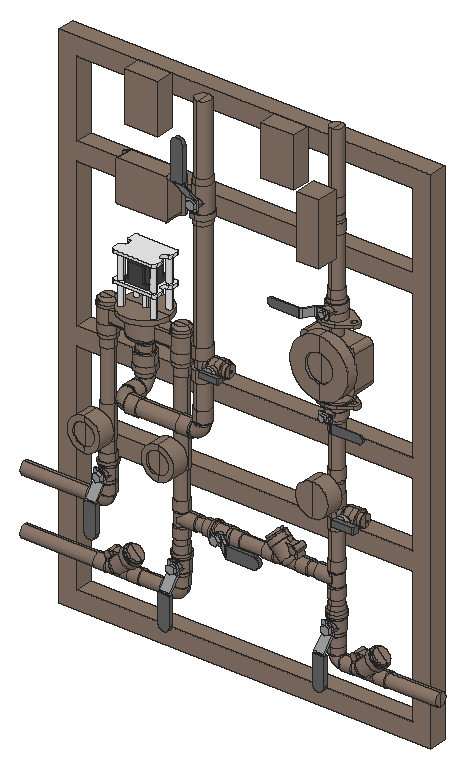
Revit family "Plumbing_Valves_Leonard-Valve_Proton-PNV-125-LF-M", category Pipe Accessories, Revit 2018 (continued)
Definition of nested family "MEGATRON-PNV-125-LF-M"
  Forms (in)
    Sweep 83, solid, material <- "Product Material", detail levels fine
      profile origin (-7.73438, -2.99106, 22.55112) x (0, 1, 0) y (-1, 0, 0)
        loop
          circle (0, 0.26562) r 0.66929
    Sweep 84, solid, material <- "Product Material", detail levels fine
      path origin (3.73626, -3.0125, -4.56068) x (-1, 0, 0) y (0, 0, 1)
        loop
          arc (-5.76953, 10.5002) -> (-5.95089, 10.06235) -> (-6.38874, 9.88099) r 0.61921
          line (-6.38874, 9.88099) -> (-6.51374, 9.88099)
      profile origin (9.68715, -3.0125, 5.50167) x (-0.707107, 0, -0.707107) y (0, 1, 0)
        loop
          circle (0, 0) r 0.57874
    Revolve 85, solid, detail levels fine
      sketch origin (0, -3.0125, 0) x (0, 0, -1) y (-1, 0, 0)
        loop
          line (-28.06433, 7.83143) -> (-28.06433, 8) -> (-29.95312, 8) -> (-29.95312, 7.83143) -> (-28.06433, 7.83143)
        axis (-29.95312, 8) -> (-28.06433, 8)
      angle from 0 to 360
    Extrusion 86, solid, material <- "Product Material", detail levels fine
      sketch origin (0, -3.0125, 0) x (0, 0, -1) y (-1, 0, 0)
        loop
          circle (-27.426, -1.00483) r 0.41479
      from -3.83875 to -3.09273
    Extrusion 87, solid, material <- "Product Material", detail levels fine
      sketch origin (0, -3.0125, 0) x (0, 0, -1) y (-1, 0, 0)
        loop
          circle (-34.24801, -9.50236) r 0.39139
      from -1.47266 to -0.37133
    Extrusion 88, solid, material <- "Product Material", detail levels fine
      sketch origin (0, -3.0125, 48.75) x (0, 0, -1) y (-1, 0, 0)
        loop
          arc (9.60706, 11.075) -> (9.57078, 11.06339) -> (9.54797, 11.03287) r 0.0625
          line (9.54797, 11.03287) -> (9.36563, 10.50409)
          arc (9.36563, 10.50409) -> (9.45301, 10.57475) -> (9.5625, 10.6) r 0.25
          line (9.5625, 10.6) -> (12.8125, 10.6)
          arc (12.8125, 10.6) -> (12.92199, 10.57475) -> (13.00937, 10.50409) r 0.25
          line (13.00937, 10.50409) -> (12.82703, 11.03287)
          arc (12.82703, 11.03287) -> (12.80422, 11.06339) -> (12.76794, 11.075) r 0.0625
          line (12.76794, 11.075) -> (9.60706, 11.075)
        loop
          arc (9.54797, 5.36713) -> (9.57078, 5.33661) -> (9.60706, 5.325) r 0.0625
          line (9.60706, 5.325) -> (12.76794, 5.325)
          arc (12.76794, 5.325) -> (12.80422, 5.33661) -> (12.82703, 5.36713) r 0.0625
          line (12.82703, 5.36713) -> (13.00937, 5.89591)
          arc (13.00937, 5.89591) -> (12.92199, 5.82525) -> (12.8125, 5.8) r 0.25
          line (12.8125, 5.8) -> (9.5625, 5.8)
          arc (9.5625, 5.8) -> (9.45301, 5.82525) -> (9.36563, 5.89591) r 0.25
          line (9.36563, 5.89591) -> (9.54797, 5.36713)
      from 1.28358 to 1.40625
  Cuts and joins
    joined: Revolve 1, Revolve 2, Revolve 5, Revolve 6, Sweep 7, Revolve 8, Sweep 9, Revolve 10, Revolve 13, Revolve 14, Sweep 15, Revolve 17, Revolve 22, Revolve 24, Extrusion 70, Revolve 71, Revolve 75, Revolve 76, Revolve 82, Sweep 83
    joined: Extrusion 30, Extrusion 31, Extrusion 32
    joined: Extrusion 33, Extrusion 34
    joined: Extrusion 36, Extrusion 41, Extrusion 45, Extrusion 51, Extrusion 56, Extrusion 61, Extrusion 66
    joined: Extrusion 38, Extrusion 43, Extrusion 47, Extrusion 53, Extrusion 58, Extrusion 63, Extrusion 68
    joined: Extrusion 28, Extrusion 37, Extrusion 42, Extrusion 46, Extrusion 52, Extrusion 57, Extrusion 62, Extrusion 67, Extrusion 72
    joined: Extrusion 44, Extrusion 48, Extrusion 54, Extrusion 59
    joined: Extrusion 39, Extrusion 64, Extrusion 69
    joined: Extrusion 29, Extrusion 73
    joined: Extrusion 12, Extrusion 88
  Lines and regions (in)
    Masking region 1
      outline origin (0, 0, 0) x (1, 0, 0) y (0, 1, 0)
        loop
          circle (-8, -3.0125) r 0.94052
    Masking region 2, detail levels coarse+medium
      outline origin (-0.64763, -0.11657, 0) x (1, 0, 0) y (0, 1, 0)
        loop
          line (0, -2.89593) -> (-1.8698, -1.94933) -> (-1.8698, -3.84253) -> (0, -2.89593)
    Masking region 3, detail levels coarse+medium
      outline origin (-0.64763, -0.11657, 0) x (-1, 0, 0) y (0, -1, 0)
        loop
          line (0, 2.89593) -> (-1.8698, 3.84253) -> (-1.8698, 1.94933) -> (0, 2.89593)
    model lines, detail levels coarse+medium
      curve 1: line (9.50098, -3.0125, 49) -> (9.50098, -3.0125, 35.15046)
      curve 2: line (19, -3.0125, 5.30469) -> (10.25098, -3.0125, 5.30469)
      curve 3: arc (10.25098, -3.0125, 5.30469) -> (9.72065, -3.0125, 5.52436) -> (9.50098, -3.0125, 6.05469) r 0.75
      curve 4: line (-4.62891, -3.0125, 12.00312) -> (-1.52116, -3.0125, 12.00312)
      curve 5: line (-4.62891, -3.0125, 26.60143) -> (-4.62891, -3.0125, 9.14942)
      curve 6: line (-19, -3.0125, 5.80078) -> (-5.12891, -3.0125, 5.80078)
      curve 7: line (-18.99892, -3.0125, 11.00845) -> (-11.875, -3.0125, 11.00845)
      curve 8: line (-11.375, -3.0125, 26.60143) -> (-11.375, -3.0125, 14.3653)
      curve 9: arc (-11.375, -3.0125, 11.50845) -> (-11.52145, -3.0125, 11.1549) -> (-11.875, -3.0125, 11.00845) r 0.5
      curve 10: arc (-4.62891, -3.0125, 6.30078) -> (-4.77535, -3.0125, 5.94723) -> (-5.12891, -3.0125, 5.80078) r 0.5
      curve 11: line (-0.49982, -5.80906, 49.00236) -> (-0.49982, -5.80906, 41.65794)
      curve 12: line (-7.17595, -5.80906, 21.65941) -> (-1.24982, -5.80906, 21.65941)
      curve 13: arc (-0.49982, -5.80906, 22.40941) -> (-0.71949, -5.80906, 21.87908) -> (-1.24982, -5.80906, 21.65941) r 0.75
      curve 14: line (-8, -3.0125, 27.35865) -> (-8, -3.0125, 23.89711)
      curve 15: arc (-8, -3.0125, 22.6) -> (-8, -3.20381, 21.95398) -> (-8, -3.80976, 21.65941) r 0.83516
      curve 16: line (-8, -3.80976, 21.65941) -> (-8, -4.8625, 21.65941)
      curve 17: arc (-8, -4.8625, 21.65941) -> (-7.80416, -5.52399, 21.65941) -> (-7.17595, -5.80906, 21.65941) r 0.83019
      curve 18: line (-11.375, -3.0125, 13.44841) -> (-11.90437, -3.0125, 14.3653)
      curve 19: line (-11.375, -3.0125, 13.44841) -> (-10.84563, -3.0125, 14.3653)
      curve 20: line (-11.90437, -3.0125, 14.3653) -> (-10.84563, -3.0125, 14.3653)
      curve 21: line (-11.375, -3.0125, 13.44841) -> (-11.90351, -3.0125, 12.53301)
      curve 22: line (-11.375, -3.0125, 13.44841) -> (-10.84649, -3.0125, 12.53301)
      curve 23: line (-11.90351, -3.0125, 12.53301) -> (-10.84649, -3.0125, 12.53301)
      curve 24: line (-11.375, -3.0125, 12.53301) -> (-11.375, -3.0125, 11.50845)
      curve 25: line (0.31113, -3.0125, 12.00312) -> (9.50098, -3.0125, 12.00312)
      curve 26: line (9.50098, -3.0125, 7.27991) -> (9.50098, -3.0125, 6.05469)
      curve 27: line (-4.62891, -3.0125, 7.31713) -> (-4.62891, -3.0125, 6.30078)
      curve 28: line (9.50098, -3.0125, 33.31817) -> (9.50098, -3.0125, 26.62389)
      curve 29: line (-0.62653, -5.80906, 39.39277) -> (-0.37311, -5.80906, 39.39277)
      curve 30: line (-0.49982, -5.80906, 39.839) -> (-0.49982, -5.80906, 22.40941)
      curve 31: line (-0.49982, -5.80906, 27.426) -> (0.62145, -5.80906, 27.426)
      curve 32: line (0.28546, -5.80906, 26.86684) -> (0.28546, -5.80906, 27.89849)
      curve 33: line (-9.41, -3.0125, 26.07143) -> (-6.59, -3.0125, 27.13143)
      curve 34: line (-6.59, -3.0125, 26.07143) -> (-9.41, -3.0125, 27.13143)
      curve 35: line (-6.59, -3.0125, 27.13143) -> (-6.59, -3.0125, 26.07143)
      curve 36: line (-9.41, -3.0125, 27.13143) -> (-9.41, -3.0125, 26.07143)
      curve 37: line (-9.41, -3.0125, 26.60143) -> (-11.375, -3.0125, 26.60143)
      curve 38: line (-6.59, -3.0125, 26.60143) -> (-4.625, -3.0125, 26.60143)
      curve 39: line (-8, -3.0125, 27.35143) -> (-8, -3.0125, 23.89711)
      curve 40: line (-8.17876, -3.0125, 23.89711) -> (-7.82515, -3.0125, 23.89711)
      curve 41: line (-8.00195, -3.0125, 23.5) -> (-8.17876, -3.0125, 23.89711)
      curve 42: line (-7.82515, -3.0125, 23.89711) -> (-8.00195, -3.0125, 23.5)
      curve 43: circle (-8.00195, -3.0125, 27.85143) r 0.5 normal (0, -1, 0)
      curve 44: line (-8, -3.0125, 23.50027) -> (-8, -3.0125, 22.6)
      curve 61: line (-11.80204, -3.0125, 6.44778) -> (-11.80204, -3.0125, 5.19778)
      curve 62: line (-8.59729, -3.0125, 6.44778) -> (-8.59729, -3.0125, 5.19778)
      curve 63: line (-8.85339, -3.0125, 7.55296) -> (-10.60557, -3.0125, 5.80078)
      curve 64: line (-9.3482, -3.0125, 8.04777) -> (-8.35858, -3.0125, 7.05815)
      curve 65: line (-5.76319, -3.0125, 6.44778) -> (-5.76319, -3.0125, 5.19778)
      curve 66: line (-5.26319, -3.0125, 6.8784) -> (-3.9319, -3.0125, 6.8784)
      curve 67: line (-12.28558, -3.0125, 13.44841) -> (-11.375, -3.0125, 13.44841)
      curve 68: line (-12.28558, -3.0125, 13.82255) -> (-12.28558, -3.0125, 13.10983)
      curve 69: line (-4.62891, -3.0125, 8.23253) -> (-5.15827, -3.0125, 9.14942)
      curve 70: line (-4.62891, -3.0125, 8.23253) -> (-4.09954, -3.0125, 9.14942)
      curve 71: line (-5.15827, -3.0125, 9.14942) -> (-4.09954, -3.0125, 9.14942)
      curve 72: line (-4.62891, -3.0125, 8.23253) -> (-5.15741, -3.0125, 7.31713)
      curve 73: line (-4.62891, -3.0125, 8.23253) -> (-4.1004, -3.0125, 7.31713)
      curve 74: line (-5.15741, -3.0125, 7.31713) -> (-4.1004, -3.0125, 7.31713)
      curve 75: line (-5.53949, -3.0125, 8.23253) -> (-4.62891, -3.0125, 8.23253)
      curve 76: line (-5.53949, -3.0125, 8.60667) -> (-5.53949, -3.0125, 7.89394)
      curve 77: line (1.53685, -5.80906, 27.426) -> (2.45374, -5.80906, 27.95537)
      curve 78: line (1.53685, -5.80906, 27.426) -> (2.45374, -5.80906, 26.89664)
      curve 79: line (2.45374, -5.80906, 27.95537) -> (2.45374, -5.80906, 26.89664)
      curve 80: line (1.53685, -5.80906, 27.426) -> (0.62145, -5.80906, 27.95451)
      curve 81: line (1.53685, -5.80906, 27.426) -> (0.62145, -5.80906, 26.8975)
      curve 82: line (0.62145, -5.80906, 27.95451) -> (0.62145, -5.80906, 26.8975)
      curve 83: line (1.53685, -5.80906, 28.33658) -> (1.53685, -5.80906, 27.426)
      curve 84: line (1.91099, -5.80906, 28.33658) -> (1.19826, -5.80906, 28.33658)
      curve 85: line (9.50098, -3.0125, 34.23357) -> (8.97162, -3.0125, 35.15046)
      curve 86: line (9.50098, -3.0125, 34.23357) -> (10.03035, -3.0125, 35.15046)
      curve 87: line (8.97162, -3.0125, 35.15046) -> (10.03035, -3.0125, 35.15046)
      curve 88: line (9.50098, -3.0125, 34.23357) -> (8.97248, -3.0125, 33.31817)
      curve 89: line (9.50098, -3.0125, 34.23357) -> (10.02949, -3.0125, 33.31817)
      curve 90: line (8.97248, -3.0125, 33.31817) -> (10.02949, -3.0125, 33.31817)
      curve 91: line (8.5904, -3.0125, 34.23357) -> (9.50098, -3.0125, 34.23357)
      curve 92: line (8.5904, -3.0125, 34.60771) -> (8.5904, -3.0125, 33.89499)
      curve 93: line (-0.49982, -5.80906, 40.74105) -> (-1.02918, -5.80906, 41.65794)
      curve 94: line (-0.49982, -5.80906, 40.74105) -> (0.02955, -5.80906, 41.65794)
      curve 95: line (-1.02918, -5.80906, 41.65794) -> (0.02955, -5.80906, 41.65794)
      curve 96: line (-0.49982, -5.80906, 40.74105) -> (-1.02832, -5.80906, 39.82565)
      curve 97: line (-0.49982, -5.80906, 40.74105) -> (0.02869, -5.80906, 39.82565)
      curve 98: line (-1.02832, -5.80906, 39.82565) -> (0.02869, -5.80906, 39.82565)
      curve 99: line (-1.4104, -5.80906, 40.74105) -> (-0.49982, -5.80906, 40.74105)
      curve 100: line (-1.4104, -5.80906, 41.11519) -> (-1.4104, -5.80906, 40.40246)
      curve 101: line (9.50098, -3.0125, 8.19531) -> (8.97162, -3.0125, 9.11219)
      curve 102: line (9.50098, -3.0125, 8.19531) -> (10.03035, -3.0125, 9.11219)
      curve 103: line (8.97162, -3.0125, 9.11219) -> (10.03035, -3.0125, 9.11219)
      curve 104: line (9.50098, -3.0125, 8.19531) -> (8.97248, -3.0125, 7.27991)
      curve 105: line (9.50098, -3.0125, 8.19531) -> (10.02949, -3.0125, 7.27991)
      curve 106: line (8.97248, -3.0125, 7.27991) -> (10.02949, -3.0125, 7.27991)
      curve 107: line (8.5904, -3.0125, 8.19531) -> (9.50098, -3.0125, 8.19531)
      curve 108: line (8.5904, -3.0125, 8.56944) -> (8.5904, -3.0125, 7.85672)
      curve 109: line (-0.60576, -3.0125, 12.00312) -> (0.31113, -3.0125, 12.53249)
      curve 110: line (-0.60576, -3.0125, 12.00312) -> (0.31113, -3.0125, 11.47376)
      curve 111: line (0.31113, -3.0125, 12.53249) -> (0.31113, -3.0125, 11.47376)
      curve 112: line (-0.60576, -3.0125, 12.00312) -> (-1.52116, -3.0125, 12.53163)
      curve 113: line (-0.60576, -3.0125, 12.00312) -> (-1.52116, -3.0125, 11.47462)
      curve 114: line (-1.52116, -3.0125, 12.53163) -> (-1.52116, -3.0125, 11.47462)
      curve 115: line (-0.60576, -3.0125, 12.91371) -> (-0.60576, -3.0125, 12.00312)
      curve 116: line (-0.23162, -3.0125, 12.91371) -> (-0.94434, -3.0125, 12.91371)
      curve 117: line (11.50127, -3.0125, 17.5528) -> (12.41816, -3.0125, 18.08216)
      curve 118: line (11.50127, -3.0125, 17.5528) -> (12.41816, -3.0125, 17.02343)
      curve 119: line (12.41816, -3.0125, 18.08216) -> (12.41816, -3.0125, 17.02343)
      curve 120: line (11.50127, -3.0125, 17.5528) -> (10.58587, -3.0125, 18.0813)
      curve 121: line (11.50127, -3.0125, 17.5528) -> (10.58587, -3.0125, 17.02429)
      curve 122: line (10.58587, -3.0125, 18.0813) -> (10.58587, -3.0125, 17.02429)
      curve 123: line (11.50127, -3.0125, 18.46338) -> (11.50127, -3.0125, 17.5528)
      curve 124: line (11.87541, -3.0125, 18.46338) -> (11.16269, -3.0125, 18.46338)
      curve 125: line (9.50098, -3.0125, 25.707) -> (8.97162, -3.0125, 26.62389)
      curve 126: line (9.50098, -3.0125, 25.707) -> (10.03035, -3.0125, 26.62389)
      curve 127: line (8.97162, -3.0125, 26.62389) -> (10.03035, -3.0125, 26.62389)
      curve 128: line (9.50098, -3.0125, 25.707) -> (8.97248, -3.0125, 24.7916)
      curve 129: line (9.50098, -3.0125, 25.707) -> (10.02949, -3.0125, 24.7916)
      curve 130: line (8.97248, -3.0125, 24.7916) -> (10.02949, -3.0125, 24.7916)
      curve 131: line (8.5904, -3.0125, 25.707) -> (9.50098, -3.0125, 25.707)
      curve 132: line (8.5904, -3.0125, 26.08114) -> (8.5904, -3.0125, 25.36841)
      curve 133: line (9.50098, -3.0125, 24.7916) -> (9.50098, -3.0125, 9.11219)
      curve 134: line (-12.50035, -3.0125, 10.44988) -> (-12.50035, -3.0125, 11.56987)
      curve 135: line (-11.99214, -3.0125, 11.99454) -> (-10.78473, -3.0125, 11.99454)
      curve 136: line (-5.21569, -3.0125, 13.16899) -> (-4.07598, -3.0125, 13.16899)
      curve 137: line (-5.21569, -3.0125, 10.81834) -> (-4.07598, -3.0125, 10.81834)
      curve 138: line (-3.54175, -3.0125, 12.5279) -> (-3.54175, -3.0125, 11.45052)
      curve 139: line (3.58178, -3.0125, 12.57563) -> (3.58178, -3.0125, 11.41059)
      curve 140: line (6.44, -3.0125, 12.57563) -> (6.44, -3.0125, 11.41059)
      curve 141: line (3.78204, -3.0125, 13.75296) -> (5.53188, -3.0125, 12.00312)
      curve 142: line (3.28514, -3.0125, 13.25606) -> (4.27894, -3.0125, 14.24986)
      curve 143: line (8.94451, -3.0125, 13.1177) -> (10.06213, -3.0125, 13.1177)
      curve 144: line (8.94451, -3.0125, 10.84879) -> (10.06213, -3.0125, 10.84879)
      curve 145: line (8.43956, -3.0125, 12.57563) -> (8.43956, -3.0125, 11.48839)
      curve 146: line (8.88782, -3.0125, 18.46338) -> (10.09436, -3.0125, 18.46338)
      curve 147: line (8.88782, -3.0125, 16.46338) -> (10.09436, -3.0125, 16.46338)
      curve 148: line (9.50098, -3.0125, 17.55017) -> (10.58587, -3.0125, 17.55017)
      curve 149: line (10.30309, -3.0125, 17.9778) -> (10.30309, -3.0125, 17.12254)
      curve 150: line (10.74411, -3.0125, 5.83676) -> (10.74411, -3.0125, 4.7528)
      curve 151: line (8.97656, -3.0125, 6.30469) -> (10.02656, -3.0125, 6.30469)
      curve 152: line (13.91175, -3.0125, 5.88804) -> (13.91175, -3.0125, 4.7528)
      curve 153: line (13.66211, -3.0125, 7.04881) -> (11.91798, -3.0125, 5.30469)
      curve 154: line (13.1673, -3.0125, 7.54362) -> (14.15692, -3.0125, 6.554)
      curve 155: line (-1.82424, -5.80906, 22.33572) -> (-1.82424, -5.80906, 21.02737)
      curve 156: line (-1.22878, -5.80906, 23.15911) -> (0.16629, -5.80906, 23.15911)
      curve 157: line (-1.24982, -5.80906, 28.33658) -> (0.19588, -5.80906, 28.33658)
      curve 158: line (-1.24982, -5.80906, 26.37619) -> (0.25018, -5.80906, 26.37619)
      curve 159: line (-6.62369, -5.05775, 21.65941) -> (-6.62369, -6.55775, 21.65941)
      curve 160: line (-8.77132, -4.50966, 21.65941) -> (-7.17917, -4.50966, 21.65941)
      curve 161: line (-8, -3.93502, 22.39646) -> (-8, -3.93502, 20.94546)
      curve 162: line (-8, -2.21811, 22.70166) -> (-8, -3.80976, 22.70166)
    symbolic lines, detail levels coarse+medium
      curve 45: line (-8, -3.95302, 0) -> (-8, -4.95302, 0)
      curve 46: arc (-8, -4.95302, 0) -> (-7.74927, -5.55833, 0) -> (-7.14396, -5.80906, 0) r 0.85604
      curve 47: line (-7.14396, -5.80906, 0) -> (2.10604, -5.80906, 0)
      curve 48: line (-1.86983, -5.05775, 0) -> (-1.86983, -6.55775, 0)
      curve 49: line (0.63017, -5.05775, 0) -> (0.63017, -6.55775, 0)
      curve 50: line (-6.62369, -5.05775, 0) -> (-6.62369, -6.55775, 0)
      curve 51: line (-8.77132, -4.50966, 0) -> (-7.17917, -4.50966, 0)
      curve 52: line (-8.94052, -3.0125, 0) -> (-18.99892, -3.0125, 0)
      curve 53: line (-10.2382, -2.29881, 0) -> (-10.2382, -3.71136, 0)
      curve 54: line (-5.80955, -2.2045, 0) -> (-5.80955, -3.80976, 0)
      curve 55: line (3.4123, -2.35956, 0) -> (3.4123, -3.60956, 0)
      curve 56: line (5.7625, -2.42812, 0) -> (5.7625, -3.58508, 0)
      curve 57: line (14.3856, -2.37488, 0) -> (14.3856, -3.62488, 0)
      curve 58: line (12.24375, -2.37488, 0) -> (12.24375, -3.62488, 0)
      curve 59: line (-2.51743, -3.0125, 0) -> (-5.80955, -3.0125, 0)
      curve 60: line (1.22217, -3.0125, 0) -> (19, -3.0125, 0)
  Dimensions and locks (in)
    locked: plane 1 "Center (Front/Back)" to plane 4 "Ref plane 1" at 3.0125
    locked: plane 4 "Ref plane 1" to plane 5 "Ref. Plane 2" at 2.79656
    aligned and locked: level to plane 2
